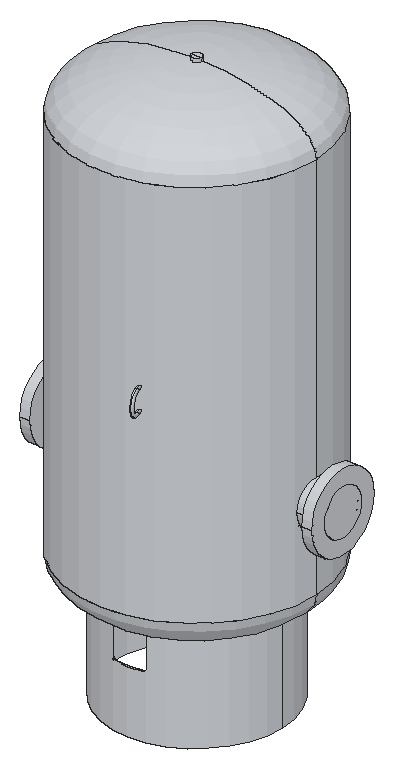
Revit family "CWBT500-8-125", category Mechanical Equipment, Revit 2014
Parameters (values of type "CWBT500-8-125")
  Tank Weight = "1395 lbs"
  Tank Volume = "500 Gal"
  Tank Height = "99 15/32\""
  Tank Diameter = "42\""
  Note = "All dimensions and weights are approximate"
  Maximum Acceptance Volume = "N/A"
  Max Operating Temp = "450° F"
  Max Operating Pressure = "125 psi"
  Connector Size = "8\""
Reference planes (in)
  plane 1 "Center (Front/Back)": y = 0
  plane 2: z = 0
  plane 3 "Center (Left/Right)": x = 0
Forms (in)
  Extrusion 1, solid
    sketch origin (0, 0, 0) x (1, 0, 0) y (0, 1, 0)
      loop
        circle (0, 0) r 15
      loop
        circle (0, 0) r 14.8125
    from 0 to 17
  Extrusion 2, void
    sketch origin (0, 0, 0) x (1, 0, 0) y (0, 0, 1)
      loop
        arc (-3.4137, 17) -> (-3.12117, 16.87883) -> (-3, 16.5863) r 0.4137
        line (-3, 16.5863) -> (-3, 11.4137)
        arc (-3, 11.4137) -> (-2.87883, 11.12117) -> (-2.5863, 11) r 0.4137
        line (-2.5863, 11) -> (2.5863, 11)
        arc (2.5863, 11) -> (2.87883, 11.12117) -> (3, 11.4137) r 0.4137
        line (3, 11.4137) -> (3, 16.5863)
        arc (3, 16.5863) -> (3.12117, 16.87883) -> (3.4137, 17) r 0.4137
        line (3.4137, 17) -> (-3.4137, 17)
    from 0 to 25
  Revolve 3, solid
    sketch origin (0, 0, 0) x (1, 0, 0) y (0, 0, 1)
      loop
        line (0, 99.99935) -> (0, 14.02873) -> (0.875, 14.02873) -> (0.875, 14.53598)
        spline (0.875, 14.53598) -> (3.52614, 14.64849) -> (6.12012, 14.89509) -> (8.61487, 15.27179) -> (10.96995, 15.77247) -> (13.14717, 16.38901) -> (15.11124, 17.11143) -> (16.83031, 17.928) -> (18.27652, 18.8255) -> (19.42641, 19.78936) -> (20.26134, 20.80396) -> (20.76777, 21.85286) -> (20.9375, 22.91904)
        line (20.9375, 22.91904) -> (20.9375, 91.10904)
        spline (20.9375, 91.10904) -> (20.76785, 92.17497) -> (20.26165, 93.22362) -> (19.42711, 94.23801) -> (18.27775, 95.2017) -> (16.83219, 96.09906) -> (15.11385, 96.91555) -> (13.1506, 97.63795) -> (10.97424, 98.25455) -> (8.62003, 98.75535) -> (6.12614, 99.13224) -> (3.53297, 99.37912) -> (0.88255, 99.49197)
        line (0.88255, 99.49197) -> (0.88255, 99.99935) -> (0, 99.99935)
      axis (0, 99.99935) -> (0, 14.02873)
    angle from 0 to 360
  Sweep 4, solid
    path origin (0.54241, -3.05533, 10.61318) x (0.305343, -0.952243, 0) y (0, 0, 1)
      loop
        line (17.83546, 48.42089) -> (18.83546, 48.42089)
        arc (18.83546, 48.42089) -> (20.71046, 46.54589) -> (18.83546, 44.67089) r 1.875
        line (18.83546, 44.67089) -> (17.83546, 44.67089)
    profile origin (6.14101, -20.51514, 59.03407) x (0, 0, 1) y (-0.952243, -0.305343, 0)
      loop
        circle (0, 0) r 0.25
  Extrusion 5, solid
    sketch origin (0, 0, 0) x (0, 1, 0) y (0, 0, 1)
      loop
        circle (0, 37.5) r 3.9905
    from 0 to 25.5
  Extrusion 6, solid
    sketch origin (0, 0, 0) x (0, 1, 0) y (0, 0, 1)
      loop
        circle (0, 37.5) r 3.9905
    from 0 to -25.5
  Extrusion 7, solid
    sketch origin (0, 0, 0) x (0, 1, 0) y (0, 0, 1)
      loop
        circle (0, 37.5) r 6.75
    from -23.75 to -25.5
  Extrusion 8, solid
    sketch origin (0, 0, 0) x (0, 1, 0) y (0, 0, 1)
      loop
        circle (0, 37.5) r 6.75
    from 23.75 to 25.5
Cuts and joins
  Extrusion 2 cuts Extrusion 1
Dimensions and locks (in)
  aligned and locked: level to plane 2
